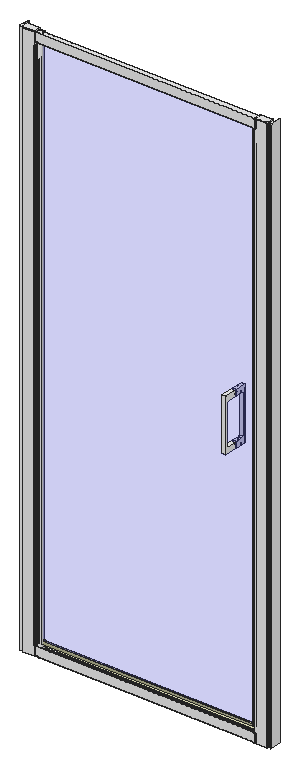
Revit family "TLSP", category Plumbing Fixtures, Revit 2019
Family settings
  Round Connector Dimension = Use Diameter
  Part Type = Normal
  Work Plane-Based = No
  Always vertical = Yes
  Cut with Voids When Loaded = No
  Shared = No
  Room Calculation Point = No
Parameters (values of type "900")
  URL = "http://www.sanswiss.com/"
  Type Comments = "TOP LINE S"
  Seal = Seal
  Model = "TLSP"
  Manufacturer = "SanSwiss"
  Glass = Glass
  Chrome = Chrome - Polished
  Aluminium = Aluminum - Polished
  A = 900 mm
Types (6, lengths in mm): name | A
  (no name) | 900
  700 | 700
  750 | 750
  800 | 800
  900 | 900
  1000 | 1000
Reference planes
  plane 1 "Center (Front/Back)": y = 0
  plane 2: z = 0
  plane 3 "Center (Left/Right)": x = 0
  plane 4: x = 644.146
  plane 5: x = -900
  plane 6: x = -843.726
  plane 7: x = -839.2
  plane 8: x = -826.084
  plane 9: x = -61.029
Forms (mm)
  Extrusion 1, solid, material "Aluminum - Polished" <- "Aluminium"
    sketch origin (1212.7, 0, 95) x (0, 1, 0) y (0, 0, 1)
      loop
        line (13.771, 1904) -> (13.771, 1872.9)
        arc (13.771, 1872.9) -> (14.671, 1872) -> (15.571, 1872.9) r 0.9
        line (15.571, 1872.9) -> (15.571, 1877) -> (24.871, 1877)
        arc (24.871, 1877) -> (25.263, 1877.026) -> (25.648, 1877.102) r 3
        line (25.648, 1877.102) -> (31.03, 1878.544)
        arc (31.03, 1878.544) -> (31.565, 1878.902) -> (31.771, 1879.51) r 1
        line (31.771, 1879.51) -> (31.771, 1904)
        arc (31.771, 1904) -> (31.478, 1904.707) -> (30.771, 1905) r 1
        line (30.771, 1905) -> (14.671, 1905)
        arc (14.671, 1905) -> (14.029, 1904.673) -> (13.771, 1904) r 1.006
    from -2056.426 to -1266.729
  Sweep 2, solid, material "Aluminum - Polished" <- "Aluminium"
    path origin (0, 0, 0) x (1, 0, 0) y (0, 0, 1)
      loop
        line (-900, 2000) -> (-900, 0)
    profile origin (-900, 0, 1000) x (0, -1, 0) y (1, 0, 0)
      loop
        arc (-52.602, 1.499) -> (-53.452, 0.99) -> (-53.404, 0) r 0.963
        line (-53.404, 0) -> (-17.094, 0)
        arc (-17.094, 0) -> (-16.039, 0.437) -> (-15.602, 1.493) r 1.493
        line (-15.602, 1.493) -> (-15.602, 17.447) -> (-33.6, 17.447) -> (-33.6, 2.471)
        arc (-33.6, 2.471) -> (-33.893, 1.763) -> (-34.602, 1.47) r 1.002
        line (-34.602, 1.47) -> (-52.602, 1.499)
  Sweep 3, solid, material "Chrome - Polished" <- "Chrome"
    path origin (0, 0, 0) x (1, 0, 0) y (0, 0, 1)
      loop
        line (-900, 2000) -> (-900, 2002.5)
    profile origin (-900, 0, 2001.25) x (-1, 0, 0) y (0, -1, 0)
      loop
        line (-55.273, -36.9) -> (-13.812, -36.9)
        arc (-13.812, -36.9) -> (-12.75, -36.46) -> (-12.31, -35.398) r 1.502
        line (-12.31, -35.398) -> (-12.31, -33.65) -> (-11.51, -33.65)
        arc (-11.51, -33.65) -> (-10.672, -33.097) -> (-10.305, -32.162) r 1.667
        line (-10.305, -32.162) -> (-10.28, -17.156)
        arc (-10.28, -17.156) -> (-10.611, -16.202) -> (-11.463, -15.659) r 1.536
        line (-11.463, -15.659) -> (-12.278, -15.659) -> (-12.275, -13.84)
        arc (-12.275, -13.84) -> (-12.715, -12.777) -> (-13.778, -12.337) r 1.502
        line (-13.778, -12.337) -> (-55.273, -12.27)
        arc (-55.273, -12.27) -> (-55.981, -12.564) -> (-56.274, -13.272) r 1.002
        line (-56.274, -13.272) -> (-56.274, -35.898)
        arc (-56.274, -35.898) -> (-55.981, -36.607) -> (-55.273, -36.9) r 1.002
  Sweep 4, solid, material "Aluminum - Polished" <- "Aluminium"
    path origin (0, 0, 0) x (1, 0, 0) y (0, 0, 1)
      loop
        line (-900, 2000) -> (-900, 0)
    profile origin (-900, 0, 1000) x (0, -1, 0) y (1, 0, 0)
      loop
        arc (-12.27, 55.273) -> (-12.564, 55.981) -> (-13.272, 56.274) r 1.002
        line (-13.272, 56.274) -> (-35.898, 56.274)
        arc (-35.898, 56.274) -> (-36.607, 55.981) -> (-36.9, 55.273) r 1.002
        line (-36.9, 55.273) -> (-36.9, 13.812)
        arc (-36.9, 13.812) -> (-36.46, 12.75) -> (-35.398, 12.31) r 1.502
        line (-35.398, 12.31) -> (-33.65, 12.31) -> (-33.65, 11.51)
        arc (-33.65, 11.51) -> (-33.097, 10.672) -> (-32.162, 10.305) r 1.667
        line (-32.162, 10.305) -> (-17.156, 10.28)
        arc (-17.156, 10.28) -> (-16.202, 10.611) -> (-15.659, 11.463) r 1.536
        line (-15.659, 11.463) -> (-15.659, 12.278) -> (-13.84, 12.275)
        arc (-13.84, 12.275) -> (-12.777, 12.715) -> (-12.337, 13.778) r 1.502
        line (-12.337, 13.778) -> (-12.27, 55.273)
  Sweep 5, solid, material "Aluminum - Polished" <- "Aluminium"
    path origin (0, 0, 0) x (1, 0, 0) y (0, 0, 1)
      loop
        line (0, 0) -> (0, 2000)
    profile origin (0, 0, 1000) x (-1, 0, 0) y (0, -1, 0)
      loop
        line (10.3, -17.1) -> (10.3, -32.1)
        arc (10.3, -32.1) -> (10.925, -33.35) -> (12.3, -33.6) r 1.562
        line (12.3, -33.6) -> (12.3, -35.4)
        arc (12.3, -35.4) -> (12.739, -36.461) -> (13.8, -36.9) r 1.5
        line (13.8, -36.9) -> (55.3, -36.9)
        arc (55.3, -36.9) -> (56.007, -36.607) -> (56.3, -35.9) r 1
        line (56.3, -35.9) -> (56.3, -13.3)
        arc (56.3, -13.3) -> (56.007, -12.593) -> (55.3, -12.3) r 1
        line (55.3, -12.3) -> (13.8, -12.3)
        arc (13.8, -12.3) -> (12.739, -12.739) -> (12.3, -13.8) r 1.5
        line (12.3, -13.8) -> (12.3, -15.6)
        arc (12.3, -15.6) -> (10.925, -15.85) -> (10.3, -17.1) r 1.562
  Extrusion 6, solid, material "Glass" <- "Glass"
    sketch origin (0, 0, 0) x (1, 0, 0) y (0, 1, 0)
      loop
        line (-61.029, 28.6) -> (-839.2, 28.6) -> (-839.2, 23.6) -> (-61.029, 23.6) -> (-61.029, 28.6)
    from 40.5 to 1959.5
  Extrusion 7, solid, material "Seal" <- "Seal"
    sketch origin (55.708, 32.589, 23.549) x (0, -1, 0) y (0, 0, 1)
      loop
        line (3.689, 15.651) -> (9.289, 15.651)
        arc (9.289, 15.651) -> (9.996, 15.944) -> (10.289, 16.651) r 1
        line (10.289, 16.651) -> (10.289, 27.951)
        arc (10.289, 27.951) -> (9.885, 28.772) -> (8.989, 28.951) r 1.035
        line (8.989, 28.951) -> (8.989, 16.951) -> (3.989, 16.951) -> (3.989, 28.951)
        arc (3.989, 28.951) -> (3.092, 28.772) -> (2.689, 27.951) r 1.035
        line (2.689, 27.951) -> (2.689, 21.687)
        arc (2.689, 21.687) -> (2.482, 21.079) -> (1.948, 20.722) r 1
        line (1.948, 20.722) -> (-2.682, 19.481)
        arc (-2.682, 19.481) -> (-3.369, 18.879) -> (-3.311, 17.967) r 1.035
        line (-3.311, 17.967) -> (-1.48, 18.457)
        arc (-1.48, 18.457) -> (-0.613, 18.285) -> (-0.221, 17.491) r 1
        line (-0.221, 17.491) -> (-0.221, 4.451)
        arc (-0.221, 4.451) -> (0.279, 3.951) -> (0.779, 4.451) r 0.5
        line (0.779, 4.451) -> (0.779, 18.271)
        arc (0.779, 18.271) -> (1.734, 19.226) -> (2.689, 18.271) r 0.955
        line (2.689, 18.271) -> (2.689, 16.651)
        arc (2.689, 16.651) -> (2.982, 15.944) -> (3.689, 15.651) r 1
    from 109.737 to 881.792
  Sweep 8, solid, material "Chrome - Polished" <- "Chrome"
    path origin (0, 0, 0) x (1, 0, 0) y (0, 0, 1)
      loop
        line (0, 2002.5) -> (0, 2000)
    profile origin (0, 0, 2001.25) x (0, -1, 0) y (1, 0, 0)
      loop
        arc (-32.1, -10.3) -> (-33.35, -10.925) -> (-33.6, -12.3) r 1.562
        line (-33.6, -12.3) -> (-35.4, -12.3)
        arc (-35.4, -12.3) -> (-36.461, -12.739) -> (-36.9, -13.8) r 1.5
        line (-36.9, -13.8) -> (-36.9, -55.3)
        arc (-36.9, -55.3) -> (-36.607, -56.007) -> (-35.9, -56.3) r 1
        line (-35.9, -56.3) -> (-13.3, -56.3)
        arc (-13.3, -56.3) -> (-12.593, -56.007) -> (-12.3, -55.3) r 1
        line (-12.3, -55.3) -> (-12.3, -13.8)
        arc (-12.3, -13.8) -> (-12.739, -12.739) -> (-13.8, -12.3) r 1.5
        line (-13.8, -12.3) -> (-15.6, -12.3)
        arc (-15.6, -12.3) -> (-15.85, -10.925) -> (-17.1, -10.3) r 1.562
        line (-17.1, -10.3) -> (-32.1, -10.3)
  Extrusion 9, solid, material "Aluminum - Polished" <- "Aluminium"
    sketch origin (1212.7, 0, 95) x (0, 1, 0) y (0, 0, 1)
      loop
        arc (13.8, -94) -> (14.058, -94.673) -> (14.7, -95) r 1.006
        line (14.7, -95) -> (30.8, -95)
        arc (30.8, -95) -> (31.507, -94.707) -> (31.8, -94) r 1
        line (31.8, -94) -> (31.8, -69.51)
        arc (31.8, -69.51) -> (31.593, -68.902) -> (31.059, -68.544) r 1
        line (31.059, -68.544) -> (25.676, -67.102)
        arc (25.676, -67.102) -> (25.292, -67.026) -> (24.9, -67) r 3
        line (24.9, -67) -> (15.6, -67) -> (15.6, -62.9)
        arc (15.6, -62.9) -> (14.7, -62) -> (13.8, -62.9) r 0.9
        line (13.8, -62.9) -> (13.8, -94)
    from -2056.426 to -1266.729
  Sweep 10, solid, material "Aluminum - Polished" <- "Aluminium"
    path origin (0, 0, 0) x (1, 0, 0) y (0, 0, 1)
      loop
        line (-900, 1970) -> (-900, 30)
    profile origin (-900, 0, 1000) x (0, -1, 0) y (1, 0, 0)
      loop
        circle (-26.06, 64.5) r 10
  Sweep 11, solid, material "Seal" <- "Seal"
    path origin (0, 0, 0) x (1, 0, 0) y (0, 0, 1)
      loop
        line (-900, 1959.5) -> (-900, 30)
    profile origin (-900, 0, 994.75) x (0, -1, 0) y (1, 0, 0)
      loop
        arc (-36.371, 53.6) -> (-35.771, 53) -> (-35.171, 53.6) r 0.6
        line (-35.171, 53.6) -> (-35.171, 56.101)
        arc (-35.171, 56.101) -> (-34.752, 56.6) -> (-34.189, 56.274) r 0.506
        arc (-34.189, 56.274) -> (-30.635, 53.922) -> (-26.475, 53) r 11.694
        line (-26.475, 53) -> (-26.475, 51.6) -> (-25.114, 51.6) -> (-25.114, 52.592)
        arc (-25.114, 52.592) -> (-24.932, 52.984) -> (-24.514, 53.096) r 0.512
        arc (-24.514, 53.096) -> (-20.7, 54.282) -> (-17.584, 56.781) r 10.728
        arc (-17.584, 56.781) -> (-17.023, 57.163) -> (-16.499, 56.732) r 0.566
        line (-16.499, 56.732) -> (-15.973, 51.461) -> (-14.806, 51.85) -> (-15.6, 59.81) -> (-15.6, 61.298)
        arc (-15.6, 61.298) -> (-15.947, 61.768) -> (-16.498, 61.573) r 0.491
        arc (-16.498, 61.573) -> (-27.025, 54.442) -> (-36.371, 63.064) r 10.235
        arc (-36.371, 63.064) -> (-36.67, 62.706) -> (-36.671, 62.238) r 0.688
        arc (-36.671, 62.238) -> (-36.446, 60.264) -> (-36.371, 58.279) r 26.223
        line (-36.371, 58.279) -> (-36.371, 53.6)
  Sweep 12, solid, material "Seal" <- "Seal"
    path origin (0, 0, 0) x (1, 0, 0) y (0, 0, 1)
      loop
        line (0, 1960.5) -> (0, 40.5)
    profile origin (0, 0, 1000.5) x (0, -1, 0) y (1, 0, 0)
      loop
        line (-28.097, -63.3) -> (-24.103, -63.3)
        arc (-24.103, -63.3) -> (-23.347, -63.645) -> (-23.113, -64.443) r 1
        line (-23.113, -64.443) -> (-23.896, -69.843)
        arc (-23.896, -69.843) -> (-23.036, -70.306) -> (-22.347, -69.615) r 0.817
        line (-22.347, -69.615) -> (-21.424, -63.244)
        arc (-21.424, -63.244) -> (-20.296, -61.82) -> (-19.686, -60.109) r 5.577
        arc (-19.686, -60.109) -> (-19.866, -57.718) -> (-21.8, -56.3) r 2.867
        line (-21.8, -56.3) -> (-30.2, -56.3)
        arc (-30.2, -56.3) -> (-31.963, -57.194) -> (-32.602, -59.064) r 2.625
        arc (-32.602, -59.064) -> (-32.173, -61.366) -> (-30.776, -63.244) r 5.188
        line (-30.776, -63.244) -> (-29.852, -69.618)
        arc (-29.852, -69.618) -> (-29.162, -70.308) -> (-28.304, -69.843) r 0.816
        line (-28.304, -69.843) -> (-29.086, -64.443)
        arc (-29.086, -64.443) -> (-28.853, -63.645) -> (-28.097, -63.3) r 1
  Sweep 13, solid
    path origin (0, 0, 0) x (1, 0, 0) y (0, 0, 1)
      loop
        line (-900, 1999) -> (-900, 1970)
    profile origin (-900, 0, 1984.5) x (0, -1, 0) y (1, 0, 0)
      loop
        line (-35.3, 56.274) -> (-15.7, 56.274) -> (-15.7, 67.774)
        arc (-15.7, 67.774) -> (-23.893, 77.768) -> (-35.3, 71.693) r 10.192
        line (-35.3, 71.693) -> (-35.3, 56.274)
  Sweep 14, solid
    path origin (0, 0, 0) x (1, 0, 0) y (0, 0, 1)
      loop
        line (-900, 30) -> (-900, 0)
    profile origin (-900, 0, 15) x (0, -1, 0) y (1, 0, 0)
      loop
        line (-35.3, 56.274) -> (-15.7, 56.274) -> (-15.7, 67.774)
        arc (-15.7, 67.774) -> (-23.893, 77.768) -> (-35.3, 71.693) r 10.192
        line (-35.3, 71.693) -> (-35.3, 56.274)
  Extrusion 15, void
    sketch origin (0, 0, 0) x (1, 0, 0) y (0, 0, 1)
      loop
        line (-70.3, 54.192) -> (-70.3, 41.046) -> (-56.3, 41.046) -> (-56.3, 54.192) -> (-70.3, 54.192)
    from -68.972 to 33.052
  Sweep 16, solid, material "Aluminum - Polished" <- "Aluminium"
    path origin (-886.376, 0, 0) x (-1, 0, 0) y (0, 0, 1)
      loop
        line (-886.376, 2000) -> (-886.376, 0)
    profile origin (0, 0, 1000) x (0, -1, 0) y (1, 0, 0)
      loop
        line (-52.602, -1.499) -> (-34.602, -1.47)
        arc (-34.602, -1.47) -> (-33.893, -1.763) -> (-33.6, -2.471) r 1.002
        line (-33.6, -2.471) -> (-33.6, -17.447) -> (-15.602, -17.447) -> (-15.602, -1.493)
        arc (-15.602, -1.493) -> (-16.039, -0.437) -> (-17.094, 0) r 1.493
        line (-17.094, 0) -> (-53.404, 0)
        arc (-53.404, 0) -> (-53.452, -0.99) -> (-52.602, -1.499) r 0.963
Cuts and joins
  Extrusion 15 cuts Extrusion 7
Dimensions and locks
  locked: plane 5 to plane 6 at 56.274
  "A": plane 5 to plane 3 "Center (Left/Right)"
  locked: plane 5 to plane 7 at 60.8
  locked: plane 5 to plane 8 at 73.916
  locked: plane 9 to plane 3 "Center (Left/Right)" at 61.029
  aligned and locked: level to plane 2
  aligned and locked: plane 6 to Extrusion 1
  aligned and locked: plane 6 to Extrusion 9
  aligned and locked: plane 7 to Extrusion 6
  aligned and locked: plane 8 to Extrusion 7
  aligned and locked: Extrusion 6 to plane 9
  aligned and locked: Sweep 16 sketch curve to plane 3 "Center (Left/Right)"
Automatic sketch dimensions
  Extrusion 1 sketch curve to plane 1 "Center (Front/Back)" = 13.771 mm
  Extrusion 1 sketch curve to Extrusion 1 sketch curve = 0.9 mm  (x2)
  Extrusion 1 sketch curve to Extrusion 1 sketch curve = 1.006 mm
  Extrusion 1 sketch curve to Extrusion 1 sketch curve = 9.3 mm
  Extrusion 1 sketch curve to Extrusion 1 sketch curve = 0.776 mm
  Extrusion 1 sketch curve to Extrusion 1 sketch curve = 5.124 mm
  Extrusion 1 sketch curve to Extrusion 1 sketch curve = 15.994 mm
  Extrusion 1 sketch curve to Extrusion 1 sketch curve = 0.259 mm
  Extrusion 1 sketch curve to Extrusion 1 sketch curve = 1 mm
  level to Extrusion 1 sketch curve = 1967.9 mm
  Extrusion 1 sketch curve to Extrusion 1 sketch curve = 4.1 mm
  Extrusion 1 sketch curve to Extrusion 1 sketch curve = 0.102 mm
  Extrusion 1 sketch curve to Extrusion 1 sketch curve = 1.442 mm
  Extrusion 1 sketch curve to Extrusion 1 sketch curve = 24.49 mm
  Sweep 2 sketch curve to level = 0 mm
  Sweep 2 sketch curve to plane 5 = 0 mm
  level to Sweep 2 sketch curve = 2000 mm
  Sweep 2 sketch curve to profile plane = 0 mm
  Sweep 2 sketch curve to plane 1 "Center (Front/Back)" = 53.404 mm
  Sweep 2 sketch curve to Sweep 2 sketch curve = 0.801 mm
  Sweep 2 sketch curve to profile plane = 1.499 mm
  Sweep 2 sketch curve to Sweep 2 sketch curve = 0.002 mm
  Sweep 2 sketch curve to profile plane = 2.471 mm
  Sweep 2 sketch curve to Sweep 2 sketch curve = 18 mm
  Sweep 2 sketch curve to Sweep 2 sketch curve = 1.002 mm
  Sweep 2 sketch curve to profile plane = 1.493 mm
  Sweep 2 sketch curve to Sweep 2 sketch curve = 16.506 mm
  Sweep 2 sketch curve to Sweep 2 sketch curve = 15.954 mm
  Sweep 3 sketch curve to plane 5 = 0 mm
  level to Sweep 3 sketch curve = 2000 mm
  Sweep 3 sketch curve to Sweep 3 sketch curve = 2.5 mm
  Sweep 3 sketch curve to plane 1 "Center (Front/Back)" = 13.272 mm
  profile plane to Sweep 3 sketch curve = 56.274 mm
  Sweep 3 sketch curve to Sweep 3 sketch curve = 1.002 mm  (x2)
  profile plane to Sweep 3 sketch curve = 13.812 mm
  profile plane to Sweep 3 sketch curve = 13.778 mm
  Sweep 3 sketch curve to Sweep 3 sketch curve = 1.502 mm  (x2)
  Sweep 3 sketch curve to Sweep 3 sketch curve = 1.499 mm
  Sweep 3 sketch curve to Sweep 3 sketch curve = 0.343 mm
  Sweep 3 sketch curve to Sweep 3 sketch curve = 0.462 mm
  Sweep 3 sketch curve to Sweep 3 sketch curve = 0.8 mm
  Sweep 3 sketch curve to Sweep 3 sketch curve = 0.815 mm
  Sweep 3 sketch curve to Sweep 3 sketch curve = 1.663 mm
  Sweep 3 sketch curve to Sweep 3 sketch curve = 1.536 mm
  Sweep 3 sketch curve to plane 1 "Center (Front/Back)" = 13.84 mm
  Sweep 3 sketch curve to Sweep 3 sketch curve = 1.819 mm
  Sweep 3 sketch curve to Sweep 3 sketch curve = 1.495 mm
  Sweep 3 sketch curve to Sweep 3 sketch curve = 14.894 mm
  Sweep 3 sketch curve to Sweep 3 sketch curve = 0.114 mm
  Sweep 3 sketch curve to Sweep 3 sketch curve = 1.747 mm
  Sweep 4 sketch curve to level = 0 mm
  Sweep 4 sketch curve to plane 5 = 0 mm
  level to Sweep 4 sketch curve = 2000 mm
  Sweep 4 sketch curve to profile plane = 13.812 mm
  Sweep 4 sketch curve to plane 1 "Center (Front/Back)" = 36.9 mm
  Sweep 4 sketch curve to Sweep 4 sketch curve = 1.002 mm  (x2)
  Sweep 4 sketch curve to Sweep 4 sketch curve = 1.502 mm  (x2)
  Sweep 4 sketch curve to Sweep 4 sketch curve = 1.747 mm
  Sweep 4 sketch curve to profile plane = 10.305 mm
  Sweep 4 sketch curve to Sweep 4 sketch curve = 1.488 mm
  Sweep 4 sketch curve to Sweep 4 sketch curve = 1.603 mm
  Sweep 4 sketch curve to Sweep 4 sketch curve = 14.891 mm
  Sweep 4 sketch curve to Sweep 4 sketch curve = 0.002 mm
  Sweep 4 sketch curve to Sweep 4 sketch curve = 1.495 mm
  Sweep 4 sketch curve to Sweep 4 sketch curve = 1.819 mm
  Sweep 4 sketch curve to plane 1 "Center (Front/Back)" = 13.272 mm
  Sweep 4 sketch curve to profile plane = 10.28 mm
  Sweep 4 sketch curve to Sweep 4 sketch curve = 1.183 mm
  Sweep 4 sketch curve to Sweep 4 sketch curve = 0.8 mm
  Sweep 4 sketch curve to Sweep 4 sketch curve = 0.812 mm
  Sweep 4 sketch curve to Sweep 4 sketch curve = 0.815 mm
  Sweep 4 sketch curve to Sweep 4 sketch curve = 41.46 mm
  Sweep 5 sketch curve to plane 3 "Center (Left/Right)" = 0 mm
  Sweep 5 sketch curve to level = 0 mm
  level to Sweep 5 sketch curve = 2000 mm
  Sweep 5 sketch curve to profile plane = 10.3 mm
  Sweep 5 sketch curve to Sweep 5 sketch curve = 1.562 mm  (x2)
  Sweep 5 sketch curve to Sweep 5 sketch curve = 0.437 mm
  Sweep 5 sketch curve to Sweep 5 sketch curve = 0.438 mm
  Sweep 5 sketch curve to Sweep 5 sketch curve = 1.5 mm  (x2)
  Sweep 5 sketch curve to Sweep 5 sketch curve = 41.5 mm
  Sweep 5 sketch curve to plane 1 "Center (Front/Back)" = 13.3 mm
  Sweep 5 sketch curve to Sweep 5 sketch curve = 0 mm
  Sweep 5 sketch curve to Sweep 5 sketch curve = 1 mm
  Sweep 5 sketch curve to Sweep 5 sketch curve = 1.8 mm  (x2)
  Sweep 5 sketch curve to Sweep 5 sketch curve = 15 mm
  Extrusion 6 sketch curve to plane 7 = 0 mm
  Extrusion 6 sketch curve to plane 9 = 0 mm
  Extrusion 6 sketch curve to plane 1 "Center (Front/Back)" = 23.6 mm
  Extrusion 6 sketch curve to Extrusion 6 sketch curve = 5 mm
  Extrusion 7 sketch curve to plane 1 "Center (Front/Back)" = 35.9 mm
  Extrusion 7 sketch curve to Extrusion 7 sketch curve = 0.629 mm
  Extrusion 7 sketch curve to Extrusion 7 sketch curve = 0.268 mm
  Extrusion 7 sketch curve to Extrusion 7 sketch curve = 0.934 mm
  Extrusion 7 sketch curve to Extrusion 7 sketch curve = 0.259 mm  (x2)
  Extrusion 7 sketch curve to Extrusion 7 sketch curve = 1 mm  (x4)
  Extrusion 7 sketch curve to Extrusion 7 sketch curve = 0.5 mm
  Extrusion 7 sketch curve to Extrusion 7 sketch curve = 0.91 mm
  Extrusion 7 sketch curve to Extrusion 7 sketch curve = 0.955 mm
  Extrusion 7 sketch curve to Extrusion 7 sketch curve = 1.035 mm
  Extrusion 7 sketch curve to Extrusion 7 sketch curve = 0.3 mm  (x3)
  Extrusion 7 sketch curve to Extrusion 7 sketch curve = 5 mm
  Extrusion 7 sketch curve to Extrusion 7 sketch curve = 0.265 mm
  level to Extrusion 7 sketch curve = 28 mm
  Extrusion 7 sketch curve to Extrusion 7 sketch curve = 11.2 mm
  Extrusion 7 sketch curve to Extrusion 7 sketch curve = 0.84 mm
  Extrusion 7 sketch curve to Extrusion 7 sketch curve = 0.491 mm
  Extrusion 7 sketch curve to Extrusion 7 sketch curve = 1.62 mm
  Extrusion 7 sketch curve to Extrusion 7 sketch curve = 0.024 mm
  Extrusion 7 sketch curve to Extrusion 7 sketch curve = 2.45 mm
  Extrusion 7 sketch curve to Extrusion 7 sketch curve = 6.264 mm  (x2)
  Sweep 8 sketch curve to plane 3 "Center (Left/Right)" = 0 mm
  level to Sweep 8 sketch curve = 2000 mm
  Sweep 8 sketch curve to Sweep 8 sketch curve = 2.5 mm
  Sweep 8 sketch curve to plane 1 "Center (Front/Back)" = 36.9 mm
  Sweep 8 sketch curve to Sweep 8 sketch curve = 1 mm  (x2)
  Sweep 8 sketch curve to Sweep 8 sketch curve = 1.5 mm  (x3)
  Sweep 8 sketch curve to Sweep 8 sketch curve = 1.8 mm  (x2)
  Sweep 8 sketch curve to Sweep 8 sketch curve = 15 mm
  Sweep 8 sketch curve to plane 1 "Center (Front/Back)" = 13.3 mm
  profile plane to Sweep 8 sketch curve = 56.3 mm
  profile plane to Sweep 8 sketch curve = 13.8 mm  (x2)
  Sweep 8 sketch curve to Sweep 8 sketch curve = 0.438 mm
  Extrusion 9 sketch curve to level = 0 mm
  level to Extrusion 9 sketch curve = 1 mm  (x2)
  Extrusion 9 sketch curve to plane 1 "Center (Front/Back)" = 13.8 mm
  Extrusion 9 sketch curve to Extrusion 9 sketch curve = 0.9 mm  (x2)
  Extrusion 9 sketch curve to Extrusion 9 sketch curve = 9.3 mm
  Extrusion 9 sketch curve to Extrusion 9 sketch curve = 0.776 mm
  Extrusion 9 sketch curve to Extrusion 9 sketch curve = 5.124 mm
  Extrusion 9 sketch curve to Extrusion 9 sketch curve = 15.994 mm
  Extrusion 9 sketch curve to Extrusion 9 sketch curve = 0.259 mm
  Extrusion 9 sketch curve to Extrusion 9 sketch curve = 24 mm
  Extrusion 9 sketch curve to Extrusion 9 sketch curve = 0.49 mm
  Extrusion 9 sketch curve to Extrusion 9 sketch curve = 2.898 mm
  Extrusion 9 sketch curve to Extrusion 9 sketch curve = 4.1 mm
  Sweep 10 sketch curve to plane 5 = 0 mm
  level to Sweep 10 sketch curve = 30 mm
  Sweep 10 sketch curve to Sweep 10 sketch curve = 1940 mm
  Sweep 10 sketch curve to plane 1 "Center (Front/Back)" = 26.06 mm
  Sweep 10 sketch curve to profile plane = 64.5 mm
  Sweep 11 sketch curve to plane 5 = 0 mm
  level to Sweep 11 sketch curve = 30 mm
  Sweep 11 sketch curve to Sweep 11 sketch curve = 1929.5 mm
  Sweep 11 sketch curve to plane 1 "Center (Front/Back)" = 62.593 mm
  Sweep 11 sketch curve to Sweep 11 sketch curve = 26.223 mm
  Sweep 11 sketch curve to Sweep 11 sketch curve = 0.346 mm  (x2)
  Sweep 11 sketch curve to Sweep 11 sketch curve = 0.6 mm  (x2)
  Sweep 11 sketch curve to Sweep 11 sketch curve = 0.506 mm
  Sweep 11 sketch curve to Sweep 11 sketch curve = 8.696 mm
  Sweep 11 sketch curve to Sweep 11 sketch curve = 9.765 mm
  Sweep 11 sketch curve to Sweep 11 sketch curve = 0.194 mm
  Sweep 11 sketch curve to Sweep 11 sketch curve = 0.33 mm
  Sweep 11 sketch curve to Sweep 11 sketch curve = 1.36 mm
  Sweep 11 sketch curve to Sweep 11 sketch curve = 0.512 mm
  Sweep 11 sketch curve to Sweep 11 sketch curve = 7.554 mm
  Sweep 11 sketch curve to Sweep 11 sketch curve = 0.55 mm
  Sweep 11 sketch curve to Sweep 11 sketch curve = 0.408 mm
  Sweep 11 sketch curve to Sweep 11 sketch curve = 1.076 mm
  Sweep 11 sketch curve to Sweep 11 sketch curve = 0.491 mm
  Sweep 11 sketch curve to Sweep 11 sketch curve = 1.167 mm
  Sweep 11 sketch curve to profile plane = 51.461 mm
  Sweep 11 sketch curve to Sweep 11 sketch curve = 0.139 mm
  Sweep 11 sketch curve to Sweep 11 sketch curve = 0.389 mm
  Sweep 11 sketch curve to Sweep 11 sketch curve = 0.992 mm
  Sweep 11 sketch curve to Sweep 11 sketch curve = 1.4 mm
  Sweep 11 sketch curve to Sweep 11 sketch curve = 2.501 mm
  Sweep 11 sketch curve to Sweep 11 sketch curve = 5.137 mm
  Sweep 11 sketch curve to Sweep 11 sketch curve = 0.133 mm
  Sweep 11 sketch curve to Sweep 11 sketch curve = 4.679 mm
  Sweep 11 sketch curve to Sweep 11 sketch curve = 3.078 mm
  Sweep 11 sketch curve to Sweep 11 sketch curve = 1.489 mm
  Sweep 11 sketch curve to Sweep 11 sketch curve = 4.192 mm
  Sweep 11 sketch curve to Sweep 11 sketch curve = 2.456 mm
  Sweep 11 sketch curve to Sweep 11 sketch curve = 0.894 mm
  Sweep 11 sketch curve to Sweep 11 sketch curve = 0.038 mm
  Sweep 11 sketch curve to Sweep 11 sketch curve = 0.647 mm
  Sweep 11 sketch curve to Sweep 11 sketch curve = 0.089 mm
  Sweep 12 sketch curve to plane 3 "Center (Left/Right)" = 0 mm
  level to Sweep 12 sketch curve = 40.5 mm
  Sweep 12 sketch curve to Sweep 12 sketch curve = 1920 mm
  Sweep 12 sketch curve to plane 1 "Center (Front/Back)" = 30.776 mm
  Sweep 12 sketch curve to Sweep 12 sketch curve = 0.576 mm
  Sweep 12 sketch curve to Sweep 12 sketch curve = 0.218 mm
  Sweep 12 sketch curve to Sweep 12 sketch curve = 0.924 mm
  Sweep 12 sketch curve to Sweep 12 sketch curve = 1.689 mm  (x2)
  Sweep 12 sketch curve to Sweep 12 sketch curve = 0.807 mm
  Sweep 12 sketch curve to Sweep 12 sketch curve = 0.741 mm
  Sweep 12 sketch curve to Sweep 12 sketch curve = 0.99 mm  (x2)
  Sweep 12 sketch curve to Sweep 12 sketch curve = 2.563 mm
  Sweep 12 sketch curve to Sweep 12 sketch curve = 2.245 mm
  Sweep 12 sketch curve to Sweep 12 sketch curve = 3.994 mm
  Sweep 12 sketch curve to Sweep 12 sketch curve = 4.408 mm
  Sweep 12 sketch curve to Sweep 12 sketch curve = 0.74 mm
  Sweep 12 sketch curve to Sweep 12 sketch curve = 2.801 mm
  Sweep 12 sketch curve to Sweep 12 sketch curve = 0.808 mm
  Sweep 12 sketch curve to Sweep 12 sketch curve = 0.574 mm
  profile plane to Sweep 12 sketch curve = 69.843 mm
  Sweep 12 sketch curve to Sweep 12 sketch curve = 0 mm
  Sweep 12 sketch curve to Sweep 12 sketch curve = 0.224 mm
  Sweep 12 sketch curve to Sweep 12 sketch curve = 0.228 mm
  Sweep 12 sketch curve to Sweep 12 sketch curve = 5.058 mm
  Sweep 12 sketch curve to Sweep 12 sketch curve = 5.054 mm
  Sweep 12 sketch curve to Sweep 12 sketch curve = 0.143 mm
  Sweep 12 sketch curve to Sweep 12 sketch curve = 1.199 mm  (x2)
  Sweep 12 sketch curve to Sweep 12 sketch curve = 4.012 mm
  Sweep 12 sketch curve to Sweep 12 sketch curve = 0.172 mm
  Sweep 12 sketch curve to Sweep 12 sketch curve = 0.007 mm
  Sweep 12 sketch curve to Sweep 12 sketch curve = 0.373 mm
  Sweep 12 sketch curve to Sweep 12 sketch curve = 2.809 mm
  Sweep 13 sketch curve to plane 5 = 0 mm
  level to Sweep 13 sketch curve = 1970 mm
  Sweep 13 sketch curve to Sweep 13 sketch curve = 29 mm
  Sweep 13 sketch curve to plane 1 "Center (Front/Back)" = 35.3 mm
  Sweep 13 sketch curve to Sweep 13 sketch curve = 9.408 mm
  Sweep 13 sketch curve to Sweep 13 sketch curve = 10.192 mm
  Sweep 13 sketch curve to profile plane = 56.274 mm
  Sweep 13 sketch curve to Sweep 13 sketch curve = 11.5 mm
  Sweep 14 sketch curve to level = 0 mm
  Sweep 14 sketch curve to plane 5 = 0 mm
  level to Sweep 14 sketch curve = 30 mm
  Sweep 14 sketch curve to plane 1 "Center (Front/Back)" = 35.3 mm
  Sweep 14 sketch curve to Sweep 14 sketch curve = 9.408 mm
  Sweep 14 sketch curve to Sweep 14 sketch curve = 10.192 mm
  Sweep 14 sketch curve to profile plane = 56.274 mm
  Sweep 14 sketch curve to Sweep 14 sketch curve = 11.5 mm
  plane 9 to Extrusion 15 sketch curve = 9.271 mm
  Extrusion 15 sketch curve to plane 9 = 4.729 mm
  level to Extrusion 15 sketch curve = 41.046 mm
  Extrusion 15 sketch curve to Extrusion 15 sketch curve = 13.146 mm
  Sweep 16 sketch curve to level = 0 mm
  Sweep 16 sketch curve to Sweep 16 sketch curve = 2000 mm
  Sweep 16 sketch curve to profile plane = 0 mm
  Sweep 16 sketch curve to plane 1 "Center (Front/Back)" = 53.404 mm
  Sweep 16 sketch curve to Sweep 16 sketch curve = 0.801 mm
  profile plane to Sweep 16 sketch curve = 1.499 mm
  Sweep 16 sketch curve to Sweep 16 sketch curve = 0.002 mm
  profile plane to Sweep 16 sketch curve = 2.471 mm
  Sweep 16 sketch curve to Sweep 16 sketch curve = 18 mm
  Sweep 16 sketch curve to Sweep 16 sketch curve = 1.002 mm
  profile plane to Sweep 16 sketch curve = 1.493 mm
  Sweep 16 sketch curve to Sweep 16 sketch curve = 16.506 mm
  Sweep 16 sketch curve to Sweep 16 sketch curve = 14.976 mm
  radius of Sweep 10 sketch curve = 10 mm
Nested families
  nested 1: "doorknob TOP" at (-143.589, 28.249, -36) x (-1, 0, 0) z (0, 0, 1), type "doorknob TOP"
Definition of nested family "doorknob TOP"
  Parameters (values of type "doorknob TOP")
    Chrome = none
  Reference planes
    plane 1 "Center (Front/Back)": y = 0
    plane 2: z = 0
    plane 3 "Center (Left/Right)": x = 0
    plane 4 "klamka": z = 1037.624
  Forms (mm)
    Extrusion 1, solid, material <- "Chrome"
      sketch origin (0, 0, 1037.624) x (0, -1, 0) y (1, 0, 0)
        loop
          arc (45.613, -6.789) -> (45.992, -6.632) -> (46.149, -6.254) r 0.536
          line (46.149, -6.254) -> (46.149, 5.671)
          arc (46.149, 5.671) -> (45.991, 6.053) -> (45.609, 6.211) r 0.54
          line (45.609, 6.211) -> (3.294, 6.211) -> (3.294, -6.789) -> (45.613, -6.789)
        loop
          arc (-41.351, 6.211) -> (-41.705, 6.064) -> (-41.851, 5.711) r 0.5
          line (-41.851, 5.711) -> (-41.851, -6.289)
          arc (-41.851, -6.289) -> (-41.705, -6.643) -> (-41.351, -6.789) r 0.5
          line (-41.351, -6.789) -> (-2.706, -6.789) -> (-2.706, 6.211) -> (-41.351, 6.211)
      from -93.624 to 93.376
    Revolve 2, solid, material <- "Chrome"
      sketch origin (0, 0, 957.624) x (0, -1, 0) y (1, 0, 0)
        loop
          line (-18.962, 0) -> (-18.962, 4.497)
          arc (-18.962, 4.497) -> (-19.779, 2.316) -> (-20.028, 0) r 9.285
          line (-20.028, 0) -> (-18.962, 0)
        axis (-18.962, 0) -> (-20.028, 0)
      angle from 0 to 360
    Revolve 3, solid, material <- "Chrome"
      sketch origin (0, 0, 1117.624) x (0, -1, 0) y (1, 0, 0)
        loop
          line (-18.962, 0) -> (-18.962, 4.497)
          arc (-18.962, 4.497) -> (-19.779, 2.316) -> (-20.028, 0) r 9.285
          line (-20.028, 0) -> (-18.962, 0)
        axis (-18.962, 0) -> (-20.028, 0)
      angle from 0 to 360
    Extrusion 4, solid, material <- "Chrome"
      sketch origin (0, 44.476, 0) x (-1, 0, 0) y (0, 0, 1)
        loop
          circle (0, 957.508) r 2.051
      from -62.051 to -32.656
    Extrusion 5, solid, material <- "Chrome"
      sketch origin (0, 44.476, 160) x (-1, 0, 0) y (0, 0, 1)
        loop
          circle (0, 957.508) r 2.051
      from -62.051 to -32.656
    Extrusion 6, solid, material <- "Chrome"
      sketch origin (0, 0, 1037.624) x (0, -1, 0) y (1, 0, 0)
        loop
          line (-24.706, 4.482) -> (-24.706, -4.559)
          arc (-24.706, -4.559) -> (-24.421, -5.247) -> (-23.733, -5.532) r 0.973
          line (-23.733, -5.532) -> (-22.706, -5.532) -> (-22.706, 5.482) -> (-23.706, 5.482)
          arc (-23.706, 5.482) -> (-24.413, 5.189) -> (-24.706, 4.482) r 1
      from 67 to 93
    Extrusion 7, solid, material <- "Chrome"
      sketch origin (0, 0, 1037.624) x (0, -1, 0) y (1, 0, 0)
        loop
          line (-24.706, 4.482) -> (-24.706, -4.559)
          arc (-24.706, -4.559) -> (-24.421, -5.247) -> (-23.733, -5.532) r 0.973
          line (-23.733, -5.532) -> (-22.706, -5.532) -> (-22.706, 5.482) -> (-23.706, 5.482)
          arc (-23.706, 5.482) -> (-24.413, 5.189) -> (-24.706, 4.482) r 1
      from -93 to -67
    Extrusion 8, void
      sketch origin (0, 0, 0) x (0, 1, 0) y (0, 0, 1)
        loop
          arc (-32.757, 1111) -> (-36.318, 1109.906) -> (-38.649, 1107) r 6.34
          line (-38.649, 1107) -> (-38.649, 968)
          arc (-38.649, 968) -> (-36.318, 965.094) -> (-32.757, 964) r 6.34
          line (-32.757, 964) -> (28.459, 964)
          arc (28.459, 964) -> (31.897, 965.103) -> (34.051, 968) r 5.909
          line (34.051, 968) -> (34.051, 1107)
          arc (34.051, 1107) -> (31.947, 1109.894) -> (28.546, 1111) r 5.794
          line (28.546, 1111) -> (-32.757, 1111)
      from -136.872 to 250
  Cuts and joins
    Extrusion 8 cuts Extrusion 1
    Extrusion 8 cuts Extrusion 6
    Extrusion 8 cuts Extrusion 7
  Dimensions and locks
    aligned and locked: level to plane 2
